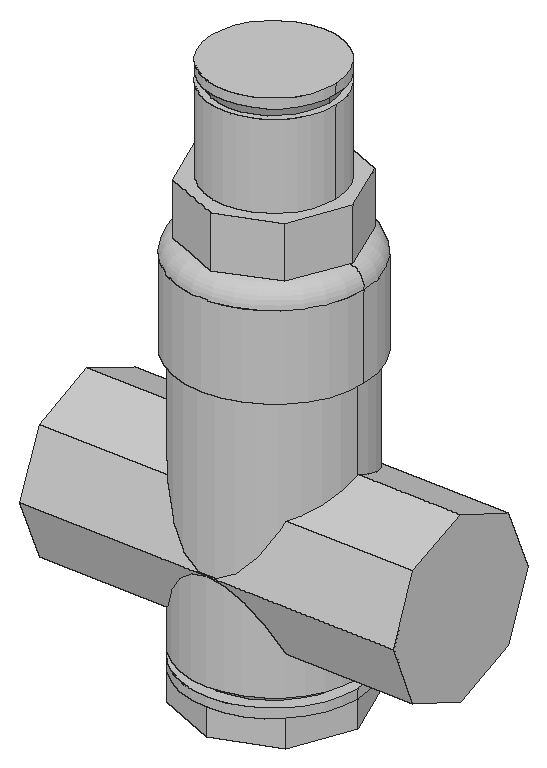
Revit family "PA_Арматура трубопроводов [редуктор давления поршневой, VT.087.N] - VALTEC", category Арматура трубопроводов, Revit 2018
Family settings
  Размер круглого соединителя = Использовать диаметр
  Тип детали = Вставляется
  На основе рабочей плоскости = Нет
  Всегда вертикально = Да
  При загрузке вырезать с полостями = Нет
  Общий = Нет
Parameters (values of type "VT.087.N")
  Таблица 2 = "PA_Арматура трубопроводов [редуктор давления поршневой, VT.087.N] - VALTEC - Таблица 2"  # constant formula
  Таблица 1 = "PA_Арматура трубопроводов [редуктор давления поршневой, VT.087.N] - VALTEC - Таблица 1"  # constant formula
  Материал доб. = Черный - VALTEC
  Изготовитель = "VALTEC"  # constant formula
  r [instance] = size_lookup(Таблица 1, "r", 0 mm, DN)  # 3 mm
  l7 [instance] = size_lookup(Таблица 1, "l7", 0 mm, DN)  # 12.8 mm
  l6 [instance] = size_lookup(Таблица 1, "l6", 0 mm, DN)  # 7.9 mm
  l5 [instance] = size_lookup(Таблица 1, "l5", 0 mm, DN)  # 15.8 mm
  l4 [instance] = size_lookup(Таблица 1, "l4", 0 mm, DN)  # 21.7 mm
  l3 [instance] = size_lookup(Таблица 1, "l3", 0 mm, DN)  # 25.6 mm
  l2 [instance] = size_lookup(Таблица 1, "l2", 0 mm, DN)  # 1.4 mm
  l1 [instance] = size_lookup(Таблица 1, "l1", 0 mm, DN)  # 4.1 mm
  d8 [instance] = size_lookup(Таблица 1, "d8", 0 mm, DN)  # 37.6 mm
  d7 [instance] = size_lookup(Таблица 1, "d7", 0 mm, DN)  # 17 mm
  d6 [instance] = size_lookup(Таблица 1, "d6", 0 mm, DN)  # 19 mm
  d5 [instance] = size_lookup(Таблица 1, "d5", 0 mm, DN)  # 24.1 mm
  d4 [instance] = size_lookup(Таблица 1, "d4", 0 mm, DN)  # 27.6 mm
  d3 [instance] = size_lookup(Таблица 1, "d3", 0 mm, DN)  # 25.6 mm
  d2 [instance] = size_lookup(Таблица 1, "d2", 0 mm, DN)  # 21.6 mm
  d1 [instance] = size_lookup(Таблица 1, "d1", 0 mm, DN)  # 25.6 mm
  H2 [instance] = size_lookup(Таблица 1, "H2", 0 mm, DN)  # 65 mm
  DN [instance] = 15 mm
  URL = "https://valtec.ru/"
  H1 [instance] = size_lookup(Таблица 1, "H1", 0 mm, DN)  # 87 mm
  ADSK_Примечание [instance] = ""
  ADSK_Позиция [instance] = ""
  ADSK_Обозначение [instance] = "VT.087.N"  # constant formula
  ADSK_Наименование [instance] = size_lookup(Таблица 1, "", "Данный типоразмер отсутствует", DN)  # "Редуктор давления поршневой 1/2\""
  ADSK_Материал = Сталь, нержавеющая - VALTEC
  ADSK_Масса [instance] = size_lookup(Таблица 1, "ADSK_Масса", 0, DN)  # 0.395
  ADSK_Марка [instance] = size_lookup(Таблица 2, "", "Данный типоразмер отсутствует", DN)  # "VT.087.N.0445"
  ADSK_Код изделия [instance] = size_lookup(Таблица 2, "", "Данный типоразмер отсутствует", DN)  # "VT.087.N.0445"
  ADSK_Завод-изготовитель [instance] = Изготовитель  # "VALTEC"
  ADSK_Единица измерения [instance] = "шт."  # constant formula
  ADSK_URL страницы изделия = "https://valtec.ru/catalog/reguliruyuschaya_armatura/reduktory_davleniya_dlya_vody/reduktor_davleniya_porshnevoj_vt087n.html"
  ADSK_URL документации изделия = "https://valtec.ru/document/technical/VT.087-0419.pdf"
  A [instance] = size_lookup(Таблица 1, "A", 0 mm, DN)  # 57 mm
Reference planes
  plane 1 "По центру (Вперед/Назад)": y = 0
  plane 2: z = 0
  plane 3 "По центру (Влево/Вправо)": x = 0
  plane 4: y = 12.8
  plane 5: y = -12.8
  plane 6: x = -28.5
  plane 7: x = 28.5
  plane 8: z = 65
  plane 9: z = -22
  plane 10: z = -17.9
  plane 11: z = -16.5
  plane 12: z = -15.1
  plane 13: z = 25.6
  plane 14: z = 41.4
  plane 15: x = -13.8
  plane 16: x = 13.8
  plane 17: z = 21.7
  plane 18: z = 49.3
  plane 19: z = 62.1
  plane 20: z = 63.6
  plane 21: y = -18.8
  plane 22: y = 18.8
  plane 23: y = -13.8
  plane 24: y = 13.8
  plane 25: z = 13.8
  plane 26: z = -13.8
Forms (mm)
  Extrusion 1, solid, material "Сталь, нержавеющая - VALTEC" <- "ADSK_Материал", detail levels medium+fine
    sketch origin (0, 0, 0) x (1, 0, 0) y (0, 1, 0)
      loop
        circle (0, 0) r 12.8
    from -15.1 to 0
  Extrusion 2, solid, material "Черный - VALTEC" <- "Материал доб.", detail levels medium+fine
    sketch origin (0, 0, 0) x (1, 0, 0) y (0, 1, 0)
      loop
        circle (0, 0) r 10.8
    from -16.5 to -15.1
  Extrusion 3, solid, material "Сталь, нержавеющая - VALTEC" <- "ADSK_Материал", detail levels medium+fine
    sketch origin (0, 0, 0) x (1, 0, 0) y (0, 1, 0)
      loop
        circle (0, 0) r 12.8
    from -16.5 to -17.9
  Extrusion 4, solid, material "Сталь, нержавеющая - VALTEC" <- "ADSK_Материал", detail levels medium+fine
    sketch origin (0, 0, 0) x (1, 0, 0) y (0, 1, 0)
      loop
        circle (0, 0) r 12.8
    from 0 to 25.6
  Revolve 5, solid, material "Сталь, нержавеющая - VALTEC" <- "ADSK_Материал", detail levels medium+fine
    sketch origin (0, 0, 0) x (1, 0, 0) y (0, 0, 1)
      loop
        arc (-10.8, 41.4) -> (-12.921, 40.521) -> (-13.8, 38.4) r 3
        line (-13.8, 38.4) -> (-13.8, 25.6) -> (0, 25.6) -> (0, 41.4) -> (-10.8, 41.4)
      axis (0, 41.4) -> (0, 25.6)
    angle from 0 to 360
  Extrusion 6, void
    sketch origin (0, 0, 0) x (0, 1, 0) y (0, 0, 1)
      loop
        line (18.8, 21.7) -> (15.8, 21.7)
        arc (15.8, 21.7) -> (13.679, 20.821) -> (12.8, 18.7) r 3
        line (12.8, 18.7) -> (12.8, 0) -> (18.8, 0) -> (18.8, 21.7)
      loop
        line (-15.8, 21.7) -> (-18.8, 21.7) -> (-18.8, 0) -> (-12.8, 0) -> (-12.8, 18.7)
        arc (-12.8, 18.7) -> (-13.679, 20.821) -> (-15.8, 21.7) r 3
    from -28.5 to 28.5
  Extrusion 7, solid, material "Сталь, нержавеющая - VALTEC" <- "ADSK_Материал", detail levels medium+fine
    sketch origin (0, 0, 0) x (1, 0, 0) y (0, 1, 0)
      loop
        circle (0, 0) r 9.5
    from 63.6 to 65
  Extrusion 8, solid, material "Сталь, нержавеющая - VALTEC" <- "ADSK_Материал", detail levels medium+fine
    sketch origin (0, 0, 0) x (1, 0, 0) y (0, 1, 0)
      loop
        circle (0, 0) r 9.5
    from 49.3 to 62.1
  Extrusion 9, solid, material "Черный - VALTEC" <- "Материал доб.", detail levels medium+fine
    sketch origin (0, 0, 0) x (1, 0, 0) y (0, 1, 0)
      loop
        circle (0, 0) r 8.5
    from 62.1 to 63.6
Cuts and joins
  Extrusion 6 cuts Extrusion 1
  Extrusion 6 cuts Extrusion 4
  joined: Extrusion 1, Extrusion 4
Lines and regions (mm)
  model lines, detail levels coarse
    curve 1: line (-28.5, 13.8, 0) -> (28.5, 13.8, 0)
    curve 2: line (-28.5, -13.8, 0) -> (-28.5, 13.8, 0)
    curve 3: line (28.5, -13.8, 0) -> (-28.5, -13.8, 0)
    curve 4: line (28.5, 13.8, 0) -> (28.5, -13.8, 0)
    curve 5: line (28.5, 0, 0) -> (-28.5, 13.8, 0)
    curve 6: line (-28.5, -13.8, 0) -> (28.5, 0, 0)
  symbolic lines, detail levels coarse
    curve 7: line (-28.5, 0, 13.8) -> (28.5, 0, 13.8)
    curve 8: line (-28.5, 0, -13.8) -> (-28.5, 0, 13.8)
    curve 9: line (28.5, 0, -13.8) -> (-28.5, 0, -13.8)
    curve 10: line (28.5, 0, 13.8) -> (28.5, 0, -13.8)
    curve 11: line (-28.5, 0, 13.8) -> (28.5, 0, 0)
    curve 12: line (-28.5, 0, -13.8) -> (28.5, 0, 0)
Dimensions and locks
  equal spacing: plane 6, plane 3 "По центру (Влево/Вправо)", plane 7
  "A": plane 6 to plane 7
  "H2": plane 8 to plane 2
  "H1": plane 8 to plane 9
  "l1": plane 10 to plane 9
  "l2": plane 11 to plane 10
  "l2": plane 12 to plane 11
  "l3": plane 13 to plane 2
  "l5": plane 14 to plane 13
  equal spacing: plane 15, plane 3 "По центру (Влево/Вправо)", plane 16
  "d4": plane 15 to plane 16
  "l4": plane 17 to plane 2
  "l6": plane 18 to plane 14
  "l7": plane 19 to plane 18
  "l2": plane 8 to plane 20
  equal spacing: plane 5, plane 1 "По центру (Вперед/Назад)", plane 4
  "d1": plane 5 to plane 4
  equal spacing: plane 21, plane 1 "По центру (Вперед/Назад)", plane 22
  "d8": plane 21 to plane 22
  equal spacing: plane 23, plane 1 "По центру (Вперед/Назад)", plane 24
  "d4": plane 23 to plane 24
  equal spacing: plane 25, plane 2, plane 26
  "d4": plane 25 to plane 26
  "d1": diameter of Extrusion 1 sketch curve
  "d2": diameter of Extrusion 2 sketch curve
  "d1": diameter of Extrusion 3 sketch curve
  "d3": diameter of Extrusion 4 sketch curve
  "r": radius of Revolve 5 sketch curve
  "r": radius of Extrusion 6 sketch curve  (x2)
  "d6": diameter of Extrusion 7 sketch curve
  "d6": diameter of Extrusion 8 sketch curve
  "d7": diameter of Extrusion 9 sketch curve
  aligned and locked: level to plane 2
  aligned and locked: nested 1 to plane 6
  aligned and locked: plane 1 "По центру (Вперед/Назад)" to nested 1
  aligned and locked: plane 1 "По центру (Вперед/Назад)" to Extrusion 1 sketch curve
  aligned and locked: nested 1 to Extrusion 1 sketch curve
  aligned and locked: plane 1 "По центру (Вперед/Назад)" to Extrusion 2 sketch curve
  aligned and locked: plane 3 "По центру (Влево/Вправо)" to Extrusion 2 sketch curve
  aligned and locked: plane 1 "По центру (Вперед/Назад)" to Extrusion 3 sketch curve
  aligned and locked: plane 3 "По центру (Влево/Вправо)" to Extrusion 3 sketch curve
  aligned and locked: Extrusion 3 to plane 10
  aligned and locked: Extrusion 3 to plane 11
  aligned and locked: Extrusion 2 to plane 12
  aligned and locked: plane 11 to Extrusion 2
  aligned and locked: plane 9 to nested 2
  aligned and locked: plane 12 to Extrusion 1
  aligned and locked: level to Extrusion 1
  aligned and locked: plane 3 "По центру (Влево/Вправо)" to Extrusion 4 sketch curve
  aligned and locked: plane 1 "По центру (Вперед/Назад)" to Extrusion 4 sketch curve
  aligned and locked: Extrusion 4 to level
  aligned and locked: Extrusion 4 to plane 13
  aligned and locked: plane 14 to Revolve 5 sketch curve
  aligned and locked: plane 15 to Revolve 5 sketch curve
  aligned and locked: cut or joined group of Extrusion 1, Extrusion 4, Extrusion 6 to Revolve 5 sketch curve
  aligned and locked: Revolve 5 sketch curve to plane 3 "По центру (Влево/Вправо)"  (x2)
  aligned and locked: Extrusion 6 sketch curve to plane 17  (x2)
  aligned and locked: plane 22 to Extrusion 6 sketch curve
  aligned and locked: cut or joined group of Extrusion 1, Extrusion 4, Extrusion 6 to Extrusion 6 sketch curve
  aligned and locked: Extrusion 6 sketch curve to plane 4
  aligned and locked: Extrusion 6 sketch curve to plane 5
  aligned and locked: Extrusion 6 sketch curve to level
  aligned and locked: plane 21 to Extrusion 6 sketch curve
  aligned and locked: Extrusion 6 to plane 6
  aligned and locked: Extrusion 6 to plane 7
  aligned and locked: plane 3 "По центру (Влево/Вправо)" to nested 3
  aligned and locked: plane 14 to nested 3
  aligned and locked: plane 1 "По центру (Вперед/Назад)" to nested 3
  aligned and locked: plane 3 "По центру (Влево/Вправо)" to Extrusion 7 sketch curve
  aligned and locked: plane 1 "По центру (Вперед/Назад)" to Extrusion 7 sketch curve
  aligned and locked: plane 3 "По центру (Влево/Вправо)" to Extrusion 8 sketch curve
  aligned and locked: plane 1 "По центру (Вперед/Назад)" to Extrusion 8 sketch curve
  aligned and locked: plane 18 to Extrusion 8
  aligned and locked: Extrusion 8 to plane 19
  aligned and locked: plane 20 to Extrusion 7
  aligned and locked: plane 8 to Extrusion 7
  aligned and locked: plane 1 "По центру (Вперед/Назад)" to Extrusion 9 sketch curve
  aligned and locked: plane 3 "По центру (Влево/Вправо)" to Extrusion 9 sketch curve
  aligned and locked: plane 19 to Extrusion 9
  aligned and locked: Extrusion 9 to plane 20
  aligned and locked: curve 3 to plane 23
  aligned and locked: plane 7 to curve 4
  aligned and locked: plane 1 "По центру (Вперед/Назад)" to curve 6
  aligned and locked: plane 7 to curve 6
  aligned and locked: plane 24 to curve 5
  aligned and locked: plane 6 to curve 5
  aligned and locked: plane 23 to curve 6
  aligned and locked: plane 6 to curve 6
  aligned and locked: plane 26 to curve 9
  aligned and locked: plane 7 to curve 10
  aligned and locked: plane 26 to curve 12
  aligned and locked: plane 6 to curve 12
  aligned and locked: plane 6 to curve 11
  aligned and locked: plane 25 to curve 11
  aligned and locked: level to curve 12
  aligned and locked: plane 7 to curve 12
Automatic sketch dimensions
  plane 9 to Revolve 5 sketch curve = 2153.315 mm
  plane 8 to Revolve 5 sketch curve = 2083.315 mm
Nested families
  nested 1: "Гайка - горизонталь" at (0, 0, 0), ADSK_Материал <- "ADSK_Материал", B <- "A", d3 <- "d1", type "Гайка - горизонталь", detail levels medium+fine
    with hr 23.651 mm, d3 25.6 mm, B 57 mm, ADSK_Материал Сталь, нержавеющая - VALTEC, 2 no, 1 yes
  nested 2: "Гайка - вертикаль" at (0, 0, -22), d6 <- "d1", h3 <- "l1", ADSK_Материал <- "ADSK_Материал", type "Гайка - вертикаль", detail levels medium+fine
    with hr 23.651 mm, h3 4.1 mm, d6 25.6 mm, ADSK_Материал Сталь, нержавеющая - VALTEC
  nested 3: "Гайка - вертикаль" at (0, 0, 41.4), ADSK_Материал <- "ADSK_Материал", d6 <- "d5", h3 <- "l6", type "Гайка - вертикаль", detail levels medium+fine
    with hr 22.265 mm, h3 7.9 mm, d6 24.1 mm, ADSK_Материал Сталь, нержавеющая - VALTEC
Connectors
  piping at (-28.5, 0, 0), diameter 15, driven by "DN"
    settings: on nested 1, index 1, connector inside diameter 609.6 mm, connector length 0 mm, flow factor 0, pipe flow 0.0 L/s, pressure drop 0.0 Pa, fitting loss kfactor 0, connector angle 0.00°, fixture units 0, engagement length 0 mm, angle of deflection 0.00°, flow configuration 0, flow direction 0, fitting loss method 0, system type 28, joint type 0, gender type 0, connector reference index 2, connector utility 0, adjustable connector no, is connector primary yes, connector description ""
  piping at (28.5, 0, 0), diameter 15, driven by "DN"
    settings: on nested 1, index 2, connector inside diameter 609.6 mm, connector length 0 mm, flow factor 0, pipe flow 0.0 L/s, pressure drop 0.0 Pa, fitting loss kfactor 0, connector angle 0.00°, fixture units 0, engagement length 0 mm, angle of deflection 0.00°, flow configuration 0, flow direction 0, fitting loss method 0, system type 28, joint type 0, gender type 0, connector reference index 1, connector utility 0, adjustable connector no, is connector primary no, connector description ""
Definition of nested family "Гайка - горизонталь"
  Parameters (values of type "Гайка - горизонталь")
    hr [instance] = d3 / 2 * cos(180.00° / 8) * 2  # 23.651 mm
    d3 [instance] = 25.6 mm
    B [instance] = 100 mm
    ADSK_Материал [instance] = none
    2 [instance] = not([1])  # no
    1 [instance] = d3 < 26 mm  # yes
  Reference planes
    plane 1 "По центру (Вперед/Назад)": y = 0
    plane 2: z = 0
    plane 3 "По центру (Влево/Вправо)": x = 0
    plane 4: y = 12.8
    plane 5: y = -12.8
    plane 6: through (0, -1173.621, 2864.273) normal (0, -0.9239, -0.3827)
    plane 7: through (0, -1234.338, 2979.956) normal (0, -0.9239, -0.3827)
    plane 8: through (0, -1295.055, 3095.638) normal (0, -0.9239, -0.3827)
    plane 9: through (0, 1234.338, 2979.956) normal (0, -0.9239, 0.3827)
    plane 10: through (0, -2528.266, 1060.042) normal (0, -0.3827, -0.9239)
    plane 11: through (0, -2532.792, 1049.117) normal (0, -0.3827, -0.9239)
    plane 12: through (0, -2537.317, 1038.191) normal (0, -0.3827, -0.9239)
    plane 13: through (0, 2528.266, 1060.042) normal (0, -0.3827, 0.9239)
    plane 14: through (0, 2532.792, 1049.117) normal (0, -0.3827, 0.9239)
    plane 15: through (0, 2537.317, 1038.191) normal (0, -0.3827, 0.9239)
    plane 16: through (0, 1173.621, 2864.273) normal (0, -0.9239, 0.3827)
    plane 17: through (0, 1234.338, 2979.956) normal (0, -0.9239, 0.3827)
    plane 18: through (0, 1295.055, 3095.638) normal (0, -0.9239, 0.3827)
    plane 19: x = 50
    plane 20: x = -50
  Forms (mm)
    Extrusion 1, solid, material <- "ADSK_Материал", visible <- "1"
      sketch origin (0, 0, 0) x (0, 1, 0) y (0, 0, 1)
        loop
          line (0, 12.8) -> (-9.051, 9.051) -> (-12.8, 0) -> (-9.051, -9.051) -> (0, -12.8) -> (9.051, -9.051) -> (12.8, 0) -> (9.051, 9.051) -> (0, 12.8)
      from -50 to 50
    Extrusion 2, solid, material <- "ADSK_Материал", visible <- "2"
      sketch origin (0, 0, 0) x (0, 1, 0) y (0, 0, 1)
        loop
          circle (0, 0) r 12.8
      from -50 to 50
  Dimensions and locks
    equal spacing: plane 4, plane 1 "По центру (Вперед/Назад)", plane 5
    "d3": plane 4 to plane 5
    equal spacing: plane 8, plane 7, plane 6
    "hr": plane 8 to plane 6
    equal spacing: plane 12, plane 11, plane 10
    "hr": plane 12 to plane 10
    equal spacing: plane 15, plane 14, plane 13
    "hr": plane 15 to plane 13
    equal spacing: plane 18, plane 17, plane 16
    "hr": plane 18 to plane 16
    equal spacing: plane 20, plane 3 "По центру (Влево/Вправо)", plane 19
    "B": plane 20 to plane 19
    "d3": diameter of Extrusion 2 sketch curve
    aligned and locked: level to plane 2
    aligned and locked: plane 10 to Extrusion 1 sketch curve
    aligned and locked: plane 13 to Extrusion 1 sketch curve
    aligned and locked: plane 16 to Extrusion 1 sketch curve
    aligned and locked: Extrusion 1 sketch curve to plane 8
    aligned and locked: Extrusion 1 sketch curve to plane 12
    aligned and locked: Extrusion 1 sketch curve to plane 15
    aligned and locked: Extrusion 1 sketch curve to plane 18
    aligned and locked: plane 6 to Extrusion 1 sketch curve
    aligned and locked: plane 19 to Extrusion 1
    aligned and locked: plane 20 to Extrusion 1
    aligned and locked: Extrusion 1 to plane 19
    aligned and locked: level to Extrusion 2 sketch curve
    aligned and locked: plane 1 "По центру (Вперед/Назад)" to Extrusion 2 sketch curve
    aligned and locked: plane 20 to Extrusion 2
    aligned and locked: plane 19 to Extrusion 2
Definition of nested family "Гайка - вертикаль"
  Parameters (values of type "Гайка - вертикаль")
    h3 [instance] = 7.5 mm
    hr [instance] = d6 / 2 * cos(180.00° / 8) * 2  # 11.918 mm
    d6 [instance] = 12.9 mm
    ADSK_Материал [instance] = none
  Reference planes
    plane 1 "По центру (Вперед/Назад)": y = 0
    plane 2: z = 0
    plane 3 "По центру (Влево/Вправо)": x = 0
    plane 4: x = -6.45
    plane 5: x = 6.45
    plane 6: through (737.894, 1797.006, 1200) normal (0.9239, -0.3827, 0)
    plane 7: through (765.367, 1847.759, 1200) normal (0.9239, -0.3827, 0)
    plane 8: through (792.839, 1898.512, 1200) normal (0.9239, -0.3827, 0)
    plane 9: through (-737.894, 1797.006, 1200) normal (0.9239, 0.3827, 0)
    plane 10: through (-765.367, 1847.759, 1200) normal (0.9239, 0.3827, 0)
    plane 11: through (-792.839, 1898.512, 1200) normal (0.9239, 0.3827, 0)
    plane 12: through (1845.479, 770.872, 1200) normal (0.3827, -0.9239, 0)
    plane 13: through (1847.759, 765.367, 1200) normal (0.3827, -0.9239, 0)
    plane 14: through (1850.039, 759.861, 1200) normal (0.3827, -0.9239, 0)
    plane 15: through (-1845.479, 770.872, 1200) normal (0.3827, 0.9239, 0)
    plane 16: through (-1847.759, 765.367, 1200) normal (0.3827, 0.9239, 0)
    plane 17: through (-1850.039, 759.861, 1200) normal (0.3827, 0.9239, 0)
    plane 18: z = 7.5
  Forms (mm)
    Extrusion 1, solid, material <- "ADSK_Материал"
      sketch origin (0, 0, 0) x (1, 0, 0) y (0, 1, 0)
        loop
          line (0, 6.45) -> (-4.561, 4.561) -> (-6.45, 0) -> (-4.561, -4.561) -> (0, -6.45) -> (4.561, -4.561) -> (6.45, 0) -> (4.561, 4.561) -> (0, 6.45)
      from 0 to 7.5
  Dimensions and locks
    equal spacing: plane 4, plane 3 "По центру (Влево/Вправо)", plane 5
    "d6": plane 4 to plane 5
    equal spacing: plane 6, plane 7, plane 8
    "hr": plane 6 to plane 8
    equal spacing: plane 9, plane 10, plane 11
    "hr": plane 9 to plane 11
    equal spacing: plane 12, plane 13, plane 14
    "hr": plane 12 to plane 14
    equal spacing: plane 15, plane 16, plane 17
    "hr": plane 15 to plane 17
    "h3": plane 18 to plane 2
    aligned and locked: level to plane 2
    aligned and locked: plane 12 to Extrusion 1 sketch curve
    aligned and locked: plane 15 to Extrusion 1 sketch curve
    aligned and locked: plane 9 to Extrusion 1 sketch curve
    aligned and locked: Extrusion 1 sketch curve to plane 8
    aligned and locked: Extrusion 1 sketch curve to plane 14
    aligned and locked: Extrusion 1 sketch curve to plane 17
    aligned and locked: Extrusion 1 sketch curve to plane 11
    aligned and locked: plane 6 to Extrusion 1 sketch curve
    aligned and locked: plane 18 to Extrusion 1
